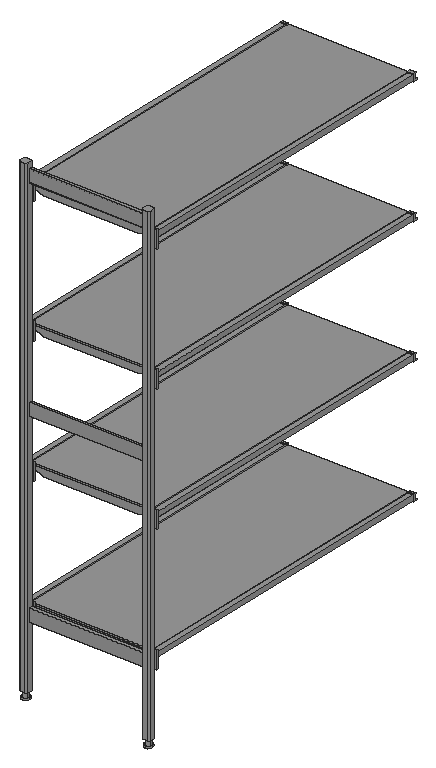
Revit family "QF_ZANUSSI_137075_CLS1184", category Attrezzature speciali, Revit 2020
Family settings
  Quota connettore circolare = Usa diametro
  Tipo di parte = Normale
  Basato su piano di lavoro = No
  Sempre verticale = Sì
  Taglio con vuoti quando caricato = No
  Condiviso = No
  Punto di calcolo locali = No
Parameters (values of type "Standard")
  Weight = 21.00 kg
  Watts = 0 W
  Volts = 0 V
  URL Manufacturer = "http://www.zanussiprofessional.com"
  URL = "http://www.zanussiprofessional.com"
  Steam Supply Size = 0 mm
  Steam Supply Minimum Pressure = 0.0 Pa
  Steam Supply Maximum Pressure = 0.0 Pa
  Steam Consumption per Hour = 0
  Refrigeration Suction Line Size = 0.0 mm
  Refrigeration Liquid Line Size = 0.0 mm
  Refrigerant Compressor Remote = yes
  Prospetto di default = 0.0 mm
  Phase = 0
  Modello = "CLS1184"
  Produttore = "Zanussi"
  Length Actual = 1188.0 mm  # constant formula
  Item Number = "137075"
  Hot Water Size = 0 mm
  Height Actual = 1700.0 mm  # constant formula
  HP = "0 HP"
  Gas Size = 0 mm
  Gas KW = 0
  Gas Input Pressure = 0 W
  Direct Waste Size = 0 mm
  Descrizione = "ALUM.CORNER SHELV.-POLY.TIERS-475X1188MM"
  Depth Actual = 475.0 mm  # constant formula
  Cycle = 0 Hz
  Condensate Return Size = 0 mm
  Compressed Air Volume = 0.0 L/s
  Compressed Air Size = 0 mm
  Compressed Air Pressure = 0.0 Pa
  Cold Water Size = 0 mm
  Accessory = yes
Reference planes
  plane 1: z = 0
  plane 2 "Center (F/B)": y = -163.5
  plane 3 "Front": y = -549.5
  plane 4 "Left": x = -217.5
  plane 5 "Right": x = 257.5
  plane 6 "TOP": z = 1700
  plane 7: y = -517.5
  plane 8: y = 634.5
  plane 9 "Center (Left/Right)": x = 20
  plane 10: y = 629.5
  plane 11: x = -186
  plane 12: x = 226
  plane 13 "FEET": z = 25
  plane 14: z = 275
  plane 15: z = 725
  plane 16: z = 1175
  plane 17: z = 1625
  plane 18 "CXLeft": y = -535.5
  plane 19: x = -200
  plane 20 "CYBack": x = -200
  plane 21 "CYFront": x = 138
  plane 22 "Back": y = 638.5
  plane 23 "LEFT_ORIGIN": x = -251.5
  plane 24 "BACK_Origin": y = 1113.5
Forms (mm)
  Extrusion 1, solid, material "QF_Aluminum"
    sketch origin (0, -549.5, 0) x (-1, 0, 0) y (0, 0, 1)
      loop
        line (198.5, 1650.994) -> (198.5, 1632.998) -> (217.5, 1632.998) -> (217.5, 1650.994) -> (198.5, 1650.994)
      loop
        line (-238.5, 1650.994) -> (-257.5, 1650.994) -> (-257.5, 1632.998) -> (-238.5, 1632.998) -> (-238.5, 1650.994)
      loop
        line (198.5, 1200.994) -> (198.5, 1182.998) -> (217.5, 1182.998) -> (217.5, 1200.994) -> (198.5, 1200.994)
      loop
        line (-238.522, 1200.994) -> (-257.5, 1200.994) -> (-257.5, 1182.998) -> (-238.522, 1182.998) -> (-238.522, 1200.994)
      loop
        line (198.5, 750.994) -> (198.5, 732.998) -> (217.5, 732.998) -> (217.5, 750.994) -> (198.5, 750.994)
      loop
        line (-238.522, 750.994) -> (-257.5, 750.994) -> (-257.5, 732.998) -> (-238.522, 732.998) -> (-238.522, 750.994)
      loop
        line (198.5, 300.994) -> (198.5, 282.998) -> (217.5, 282.998) -> (217.5, 300.994) -> (198.5, 300.994)
      loop
        line (-238.522, 300.994) -> (-257.5, 300.994) -> (-257.5, 282.998) -> (-238.522, 282.998) -> (-238.522, 300.994)
    from 32 to 1184
  Extrusion 2, solid, material "QF_Polyethylene"
    sketch origin (0, -549.5, 0) x (-1, 0, 0) y (0, 0, 1)
      loop
        line (196.507, 1650.994) -> (-236.522, 1650.994) -> (-236.522, 1644.496) -> (196.507, 1644.496) -> (196.507, 1650.994)
      loop
        line (196.507, 1200.994) -> (-236.522, 1200.994) -> (-236.522, 1194.496) -> (196.507, 1194.496) -> (196.507, 1200.994)
      loop
        line (196.507, 750.994) -> (-236.522, 750.994) -> (-236.522, 744.496) -> (196.507, 744.496) -> (196.507, 750.994)
      loop
        line (196.507, 300.994) -> (-236.522, 300.994) -> (-236.522, 294.496) -> (196.507, 294.496) -> (196.507, 300.994)
    from 32 to 1184
Lines and regions (mm)
  symbolic lines
    curve 1: line (-198.5, 634.5, 1700) -> (-198.5, -517.5, 1700)
    curve 2: line (-217.5, -521.5, 1700) -> (-217.5, 634.5, 1700)
    curve 3: line (257.5, -521.5, 1700) -> (257.5, 634.5, 1700)
    curve 4: line (-181.507, -517.5, 1700) -> (221.507, -517.5, 1700)
    curve 5: line (238.522, -517.5, 1700) -> (238.522, 634.5, 1700)
    curve 6: line (-198.5, 634.5, 1700) -> (238.522, 634.5, 1700)
Dimensions and locks
  plane 3 "Front" to plane 2 "Center (F/B)" = 386.0 mm
  locked: plane 6 "TOP" to level at 1700
  locked: plane 4 "Left" to plane 5 "Right" at 475
  locked: plane 7 to plane 8 at 1152
  locked: plane 3 "Front" to plane 7 at 32
  plane 10 to plane 8 = 5.0 mm
  locked: plane 11 to plane 12 at 412
  equal spacing: plane 11, plane 9 "Center (Left/Right)", plane 12
  equal spacing: plane 4 "Left", plane 9 "Center (Left/Right)", plane 5 "Right"
  plane 13 "FEET" to level = 25.0 mm
  plane 6 "TOP" to plane 13 "FEET" = 1675.0 mm
  plane 14 to plane 13 "FEET" = 250.0 mm
  plane 15 to plane 14 = 450.0 mm
  plane 16 to plane 15 = 450.0 mm
  plane 17 to plane 16 = 450.0 mm
  locked: plane 3 "Front" to plane 18 "CXLeft" at 14
  locked: plane 3 "Front" to plane 22 "Back" at 1188
  plane 23 "LEFT_ORIGIN" to plane 5 "Right" = 509.0 mm
  locked: plane 22 "Back" to plane 24 "BACK_Origin" at 475
  aligned and locked: level to plane 1
  aligned and locked: Extrusion 2 to plane 7
  aligned and locked: plane 8 to Extrusion 2
  aligned and locked: Extrusion 1 to plane 7
  aligned and locked: plane 8 to Extrusion 1
  aligned and locked: Extrusion 1 sketch curve to Extrusion 1 sketch curve  (x2)
  aligned and locked: plane 18 "CXLeft" to nested 1
  aligned and locked: nested 2 to plane 10
Automatic sketch dimensions
  curve 2 to plane 4 "Left" = 0.0 mm
  curve 3 to plane 5 "Right" = 0.0 mm
  plane 7 to curve 1 = 0.0 mm
  plane 7 to curve 4 = 0.0 mm
  plane 7 to curve 5 = 0.0 mm
  plane 8 to curve 2 = 0.0 mm
  plane 8 to curve 1 = 0.0 mm
  plane 8 to curve 3 = 0.0 mm
  curve 5 to plane 21 "CYFront" = 100.522 mm
  plane 19 to curve 6 = 1.5 mm
  plane 7 to curve 3 = 4.0 mm
  plane 7 to curve 2 = 4.0 mm
  plane 12 to curve 4 = 4.493 mm
  curve 4 to plane 11 = 4.493 mm
  plane 5 "Right" to Extrusion 1 sketch curve = 0.0 mm  (x4)
  plane 4 "Left" to Extrusion 1 sketch curve = 0.0 mm  (x4)
  Extrusion 1 sketch curve to plane 21 "CYFront" = 100.522 mm
  Extrusion 1 sketch curve to plane 21 "CYFront" = 100.5 mm
  plane 19 to Extrusion 1 sketch curve = 1.5 mm  (x4)
  plane 14 to Extrusion 1 sketch curve = 7.998 mm  (x2)
  Extrusion 1 sketch curve to Extrusion 1 sketch curve = 17.997 mm  (x8)
  plane 15 to Extrusion 1 sketch curve = 7.998 mm  (x2)
  plane 16 to Extrusion 1 sketch curve = 7.998 mm  (x2)
  plane 17 to Extrusion 1 sketch curve = 7.998 mm  (x2)
  Extrusion 2 sketch curve to plane 21 "CYFront" = 98.522 mm  (x4)
  plane 19 to Extrusion 2 sketch curve = 3.493 mm  (x4)
  plane 14 to Extrusion 2 sketch curve = 19.496 mm
  Extrusion 2 sketch curve to Extrusion 2 sketch curve = 6.499 mm  (x4)
  plane 15 to Extrusion 2 sketch curve = 19.496 mm
  plane 16 to Extrusion 2 sketch curve = 19.496 mm
  plane 17 to Extrusion 2 sketch curve = 19.496 mm
Nested families
  nested 1: "WT_Anta475" at (-194.5, -132.5, 0) x (0, 1, 0) z (0, 0, 1), type "WT_Anta475"
  nested 2: "WT_Aggancio475" at (-194.5, 1046.5, 0) x (0, 1, 0) z (0, 0, 1), type "WT_Aggancio475"
Definition of nested family "WT_Anta475"
  Parameters
    WidthLeft = A + 64.0 mm  # 772.0 mm
    Width = 1606.0 mm
    Right = WidthLeft / 2  # 386.0 mm
    Default Elevation = 0.0 mm
    Left = -WidthLeft / 2  # -386.0 mm
    Height = 1725.0 mm
    FEET = 25.0 mm
    E = 0.0 mm
    Dint = Depth - 63.0 mm  # 412.0 mm
    Dext = Depth - 8.0 mm  # 467.0 mm
    Depth = 475.0 mm
    DX = (WidthLeft - A) / 2  # 32.0 mm
    B = 798.0 mm
    A = 708.0 mm
  Reference planes
    plane 1: z = 0
    plane 2 "LEFT": x = -417
    plane 3 "BACK": y = 23
    plane 4 "FRONT": y = -452
    plane 5 "TOP": z = 1725
    plane 6 "Center (Front/Back)": y = -214.5
    plane 7: y = -8.5
    plane 8: y = -420.5
    plane 9 "FEET": z = 25
    plane 10: z = 275
    plane 11: z = 725
    plane 12: z = 1175
    plane 13: z = 1625
    plane 14 "CXLeft": x = -403
    plane 15: y = 5.5
    plane 16 "CYBack": y = 5.5
    plane 17 "CYFront": y = -434.5
    plane 18: x = -385.031
    plane 19: x = -380.031
  Forms (mm)
    Extrusion 1, solid
      sketch origin (0, 0, 0) x (1, 0, 0) y (0, 1, 0)
        loop
          line (-417, 13.246) -> (-417, -2.246) -> (-410.746, -8.5) -> (-395.254, -8.5) -> (-389, -2.246) -> (-389, 13.246) -> (-395.254, 19.5) -> (-410.746, 19.5) -> (-417, 13.246)
      from 1725 to 25
    Extrusion 2, solid
      sketch origin (-417, 0, 0) x (0, 1, 0) y (0, 0, 1)
        loop
          line (23, 246.005) -> (23, 307.993) -> (-12.993, 307.993) -> (-12.993, 246.005) -> (23, 246.005)
        loop
          line (-452, 246.005) -> (-416.007, 246.005) -> (-416.007, 307.993) -> (-452, 307.993) -> (-452, 246.005)
        loop
          line (23, 696.005) -> (23, 757.993) -> (-12.993, 757.993) -> (-12.993, 696.005) -> (23, 696.005)
        loop
          line (-452, 696.005) -> (-416.007, 696.005) -> (-416.007, 757.993) -> (-452, 757.993) -> (-452, 696.005)
        loop
          line (23, 1146.005) -> (23, 1207.993) -> (-12.993, 1207.993) -> (-12.993, 1146.005) -> (23, 1146.005)
        loop
          line (-452, 1146.005) -> (-416.007, 1146.005) -> (-416.007, 1207.993) -> (-452, 1207.993) -> (-452, 1146.005)
        loop
          line (23, 1596.005) -> (23, 1657.993) -> (-12.993, 1657.993) -> (-12.993, 1596.005) -> (23, 1596.005)
        loop
          line (-452, 1596.005) -> (-416.007, 1596.005) -> (-416.007, 1657.993) -> (-452, 1657.993) -> (-452, 1596.005)
      from 28 to 32
    Revolve 3, solid
      sketch origin (-403, 0, 0) x (0, 1, 0) y (0, 0, 1)
        loop
          line (5.5, 25) -> (5.5, 0) -> (19, 0) -> (19, 5) -> (14, 5) -> (14, 25) -> (5.5, 25)
        axis (5.5, 25) -> (5.5, 0)
      angle from 0 to 360
    Extrusion 4, solid
      sketch origin (-403, 0, 0) x (0, 1, 0) y (0, 0, 1)
        loop
          line (-8.5, 912.382) -> (-8.5, 957.374) -> (-420.5, 957.374) -> (-420.5, 912.382) -> (-8.5, 912.382)
        loop
          line (-8.5, 1662.244) -> (-8.5, 1707.236) -> (-420.5, 1707.236) -> (-420.5, 1662.244) -> (-8.5, 1662.244)
      from -5 to 5
    Revolve 5, solid
      sketch origin (-403, -627, 0) x (0, -1, 0) y (0, 0, 1)
        loop
          line (-192.5, 25) -> (-192.5, 0) -> (-179, 0) -> (-179, 5) -> (-184, 5) -> (-184, 25) -> (-192.5, 25)
        axis (-192.5, 25) -> (-192.5, 0)
      angle from 0 to 360
    Extrusion 6, solid
      sketch origin (0, -627, 0) x (1, 0, 0) y (0, 1, 0)
        loop
          line (-417, 184.754) -> (-410.746, 178.5) -> (-395.254, 178.5) -> (-389, 184.754) -> (-389, 200.246) -> (-395.254, 206.5) -> (-410.746, 206.5) -> (-417, 200.246) -> (-417, 184.754)
      from 1725 to 25
    Extrusion 7, solid
      sketch origin (-417.031, -0.022, 0) x (0, 1, 0) y (0, 0, -1)
        loop
          line (-12, -1632.998) -> (-46, -1620.994) -> (-383, -1620.994) -> (-417, -1632.998) -> (-433, -1632.998) -> (-433, -1650.994) -> (-431, -1650.994) -> (-431, -1644.496) -> (2.007, -1644.496) -> (2.007, -1650.994) -> (4, -1650.994) -> (4, -1632.998) -> (-12, -1632.998)
        loop
          line (-12, -1182.998) -> (-46, -1170.994) -> (-383, -1170.994) -> (-417, -1182.998) -> (-433, -1182.998) -> (-433, -1200.994) -> (-431, -1200.994) -> (-431, -1194.496) -> (2.007, -1194.496) -> (2.007, -1200.994) -> (4, -1200.994) -> (4, -1182.998) -> (-12, -1182.998)
        loop
          line (-12, -732.998) -> (-46, -720.994) -> (-383, -720.994) -> (-417, -732.998) -> (-433, -732.998) -> (-433, -750.994) -> (-431, -750.994) -> (-431, -744.496) -> (2.007, -744.496) -> (2.007, -750.994) -> (4, -750.994) -> (4, -732.998) -> (-12, -732.998)
        loop
          line (-12, -282.998) -> (-46, -270.994) -> (-383, -270.994) -> (-417, -282.998) -> (-433, -282.998) -> (-433, -300.994) -> (-431, -300.994) -> (-431, -294.496) -> (2.007, -294.496) -> (2.007, -300.994) -> (4, -300.994) -> (4, -282.998) -> (-12, -282.998)
      from -32 to -37
    Extrusion 8, solid
      sketch origin (-403, 0, -659.878) x (0, 1, 0) y (0, 0, 1)
        loop
          line (-8.5, 912.382) -> (-8.5, 957.374) -> (-420.5, 957.374) -> (-420.5, 912.382) -> (-8.5, 912.382)
        loop
          line (-8.5, 1572.382) -> (-8.5, 1617.374) -> (-420.5, 1617.374) -> (-420.5, 1572.382) -> (-8.5, 1572.382)
        loop
          line (-8.5, 2322.382) -> (-8.5, 2367.374) -> (-420.5, 2367.374) -> (-420.5, 2322.382) -> (-8.5, 2322.382)
      from -5 to 5
  Lines and regions (mm)
    symbolic lines
      curve 1: line (-408, -8.5, 1725) -> (-408, -420.5, 1725)
      curve 2: line (-398, -420.5, 1725) -> (-398, -8.5, 1725)
      curve 3: line (-395.254, -8.5, 1725) -> (-410.746, -8.5, 1725)
      curve 4: line (-417, -2.246, 1725) -> (-410.746, -8.5, 1725)
      curve 5: line (-417, 13.246, 1725) -> (-417, -2.246, 1725)
      curve 6: line (-410.746, 19.5, 1725) -> (-417, 13.246, 1725)
      curve 7: line (-395.254, 19.5, 1725) -> (-410.746, 19.5, 1725)
      curve 8: line (-389, 13.246, 1725) -> (-395.254, 19.5, 1725)
      curve 9: line (-395.254, -8.5, 1725) -> (-389, -2.246, 1725)
      curve 10: line (-395.254, -420.5, 1725) -> (-410.746, -420.5, 1725)
      curve 11: line (-417, -426.754, 1725) -> (-410.746, -420.5, 1725)
      curve 12: line (-410.746, -448.5, 1725) -> (-417, -442.246, 1725)
      curve 13: line (-395.254, -448.5, 1725) -> (-410.746, -448.5, 1725)
      curve 14: line (-389, -442.246, 1725) -> (-395.254, -448.5, 1725)
      curve 15: line (-395.254, -420.5, 1725) -> (-389, -426.754, 1725)
      curve 16: line (-389, -452, 1725) -> (-389, -416.007, 1725)
      curve 17: line (-389, -416.007, 1725) -> (-385, -416.007, 1725)
      curve 18: line (-389, 23, 1725) -> (-389, -12.993, 1725)
      curve 19: line (-389, -12.993, 1725) -> (-385, -12.993, 1725)
      curve 20: line (-417, -426.754, 1725) -> (-417, -442.246, 1725)
      curve 21: line (-385, -452, 1725) -> (-385, -416.007, 1725)
      curve 22: line (-385, -452, 1725) -> (-389, -452, 1725)
      curve 23: line (-385, 23, 1725) -> (-389, 23, 1725)
      curve 24: line (-385, -12.993, 1725) -> (-385, 23, 1725)
      curve 25: line (-385.031, -13.016, 1725) -> (-385.031, -416.029, 1725)
  Dimensions and locks
    "Height": plane 5 "TOP" to level
    "Depth": plane 3 "BACK" to plane 4 "FRONT"
    "Dint": plane 7 to plane 8
    equal spacing: plane 7, plane 6 "Center (Front/Back)", plane 8
    equal spacing: plane 3 "BACK", plane 6 "Center (Front/Back)", plane 4 "FRONT"
    plane 9 "FEET" to level = 25.0 mm
    plane 5 "TOP" to plane 9 "FEET" = 1700.0 mm
    plane 10 to plane 9 "FEET" = 250.0 mm
    plane 11 to plane 10 = 450.0 mm
    plane 12 to plane 11 = 450.0 mm
    plane 13 to plane 12 = 450.0 mm
    locked: plane 2 "LEFT" to plane 14 "CXLeft" at 14
    locked: plane 3 "BACK" to plane 16 "CYBack" at 17.5
    locked: plane 17 "CYFront" to plane 4 "FRONT" at 17.5
    locked: Revolve 3 sketch curve to Revolve 3 sketch curve at 8.5
    locked: Revolve 3 sketch curve to plane 16 "CYBack" at 13.5
    locked: Revolve 5 sketch curve to Revolve 5 sketch curve at 8.5
    aligned and locked: level to plane 1
    aligned and locked: curve 20 to Extrusion 6
    aligned and locked: plane 5 "TOP" to Extrusion 1
    aligned and locked: plane 5 "TOP" to Extrusion 6
    aligned and locked: Extrusion 7 sketch curve to Extrusion 7 sketch curve  (x3)
  Automatic sketch dimensions
    curve 16 to plane 4 "FRONT" = 0.0 mm
    curve 11 to plane 8 = 0.0 mm
    curve 9 to plane 7 = 0.0 mm
    curve 5 to plane 2 "LEFT" = 0.0 mm
    curve 23 to plane 3 "BACK" = 0.0 mm
    plane 4 "FRONT" to curve 13 = 3.5 mm
    curve 20 to plane 17 "CYFront" = 7.746 mm
    curve 20 to plane 8 = 6.254 mm
    plane 8 to curve 16 = 4.493 mm
    curve 24 to plane 18 = 0.031 mm
    curve 24 to plane 7 = 4.493 mm
    plane 7 to curve 5 = 6.254 mm
    curve 5 to plane 15 = 7.746 mm
    curve 6 to plane 3 "BACK" = 3.5 mm
    curve 21 to plane 18 = 0.031 mm
    plane 18 to curve 23 = 3.969 mm
    plane 18 to curve 16 = 3.969 mm
    curve 18 to curve 8 = 6.254 mm
    curve 18 to curve 3 = 6.254 mm
    curve 16 to curve 13 = 6.254 mm
    curve 16 to curve 15 = 6.254 mm
    plane 2 "LEFT" to curve 10 = 6.254 mm
    plane 2 "LEFT" to curve 7 = 6.254 mm
    plane 2 "LEFT" to curve 12 = 6.254 mm
    plane 2 "LEFT" to curve 3 = 6.254 mm
    curve 14 to plane 17 "CYFront" = 7.746 mm
    curve 15 to plane 8 = 6.254 mm
    plane 7 to curve 9 = 6.254 mm
    curve 8 to plane 15 = 7.746 mm
    curve 3 to curve 2 = 2.746 mm
    curve 1 to curve 10 = 2.746 mm
    Extrusion 1 sketch curve to plane 2 "LEFT" = 0.0 mm
    Extrusion 1 sketch curve to plane 7 = 0.0 mm
    plane 2 "LEFT" to Extrusion 1 sketch curve = 6.254 mm  (x2)
    plane 14 "CXLeft" to Extrusion 1 sketch curve = 7.746 mm  (x2)
    Extrusion 1 sketch curve to plane 3 "BACK" = 3.5 mm
    plane 18 to Extrusion 1 sketch curve = 3.969 mm
    plane 7 to Extrusion 1 sketch curve = 6.254 mm  (x2)
    Extrusion 1 sketch curve to plane 15 = 7.746 mm  (x2)
    Extrusion 2 sketch curve to plane 4 "FRONT" = 0.0 mm  (x4)
    Extrusion 2 sketch curve to plane 3 "BACK" = 0.0 mm  (x4)
    plane 8 to Extrusion 2 sketch curve = 4.493 mm  (x4)
    Extrusion 2 sketch curve to plane 7 = 4.493 mm  (x4)
    Extrusion 2 sketch curve to plane 10 = 28.995 mm  (x2)
    plane 10 to Extrusion 2 sketch curve = 32.993 mm  (x2)
    Extrusion 2 sketch curve to plane 11 = 28.995 mm  (x2)
    plane 11 to Extrusion 2 sketch curve = 32.993 mm  (x2)
    Extrusion 2 sketch curve to plane 12 = 28.995 mm  (x2)
    plane 12 to Extrusion 2 sketch curve = 32.993 mm  (x2)
    Extrusion 2 sketch curve to plane 13 = 28.995 mm  (x2)
    plane 13 to Extrusion 2 sketch curve = 32.993 mm  (x2)
    Revolve 3 sketch curve to plane 9 "FEET" = 0.0 mm  (x2)
    Revolve 3 sketch curve to plane 15 = 0.0 mm  (x2)
    Revolve 3 sketch curve to level = 0.0 mm
    level to Revolve 3 sketch curve = 5.0 mm
    Revolve 3 sketch curve to Revolve 3 sketch curve = 11.655 mm
    Extrusion 4 sketch curve to plane 8 = 0.0 mm  (x2)
    Extrusion 4 sketch curve to plane 7 = 0.0 mm  (x2)
    plane 11 to Extrusion 4 sketch curve = 187.382 mm
    Extrusion 4 sketch curve to Extrusion 4 sketch curve = 44.992 mm
    plane 13 to Extrusion 4 sketch curve = 37.244 mm
    Extrusion 4 sketch curve to plane 5 "TOP" = 17.764 mm
    Revolve 5 sketch curve to plane 9 "FEET" = 0.0 mm  (x2)
    Revolve 5 sketch curve to plane 17 "CYFront" = 0.0 mm  (x2)
    Revolve 5 sketch curve to level = 0.0 mm
    Revolve 5 sketch curve to plane 4 "FRONT" = 4.0 mm
    Revolve 5 sketch curve to Revolve 5 sketch curve = 5.0 mm
    level to Revolve 5 sketch curve = 11.655 mm
    Extrusion 6 sketch curve to plane 2 "LEFT" = 0.0 mm
    Extrusion 6 sketch curve to plane 8 = 0.0 mm
    Extrusion 6 sketch curve to plane 2 "LEFT" = 6.254 mm  (x2)
    Extrusion 6 sketch curve to plane 14 "CXLeft" = 7.746 mm  (x2)
    Extrusion 6 sketch curve to plane 4 "FRONT" = 3.5 mm
    Extrusion 6 sketch curve to plane 18 = 3.969 mm
    plane 8 to Extrusion 6 sketch curve = 6.254 mm  (x2)
    plane 17 "CYFront" to Extrusion 6 sketch curve = 7.746 mm  (x2)
    plane 17 "CYFront" to Extrusion 7 sketch curve = 1.478 mm  (x4)
    Extrusion 7 sketch curve to Extrusion 7 sketch curve = 2.0 mm
    plane 8 to Extrusion 7 sketch curve = 3.478 mm  (x4)
    Extrusion 7 sketch curve to plane 10 = 4.006 mm
    Extrusion 7 sketch curve to Extrusion 7 sketch curve = 34.0 mm  (x4)
    Extrusion 7 sketch curve to plane 11 = 4.006 mm
    Extrusion 7 sketch curve to plane 12 = 4.006 mm
    Extrusion 7 sketch curve to plane 13 = 4.006 mm
    Extrusion 7 sketch curve to plane 7 = 37.522 mm  (x4)
    Extrusion 7 sketch curve to plane 7 = 3.522 mm  (x4)
    plane 15 to Extrusion 7 sketch curve = 3.516 mm  (x4)
    plane 15 to Extrusion 7 sketch curve = 1.522 mm  (x4)
    plane 13 to Extrusion 7 sketch curve = 7.998 mm  (x2)
    Extrusion 7 sketch curve to Extrusion 7 sketch curve = 11.498 mm
    Extrusion 7 sketch curve to Extrusion 7 sketch curve = 6.499 mm  (x5)
    plane 12 to Extrusion 7 sketch curve = 25.994 mm  (x2)
    plane 12 to Extrusion 7 sketch curve = 7.998 mm  (x2)
    plane 11 to Extrusion 7 sketch curve = 25.994 mm  (x2)
    plane 11 to Extrusion 7 sketch curve = 7.998 mm  (x2)
    plane 10 to Extrusion 7 sketch curve = 25.994 mm  (x2)
    plane 10 to Extrusion 7 sketch curve = 7.998 mm  (x2)
    curve 25 to plane 18 = 0.0 mm
    plane 8 to curve 25 = 4.471 mm
    curve 25 to plane 7 = 4.516 mm
    Extrusion 8 sketch curve to plane 8 = 0.0 mm  (x3)
    Extrusion 8 sketch curve to plane 7 = 0.0 mm  (x3)
    Extrusion 8 sketch curve to plane 10 = 22.496 mm
    plane 10 to Extrusion 8 sketch curve = 22.496 mm
    plane 11 to Extrusion 8 sketch curve = 187.504 mm
    Extrusion 8 sketch curve to Extrusion 8 sketch curve = 44.992 mm
    plane 13 to Extrusion 8 sketch curve = 37.504 mm
    Extrusion 8 sketch curve to plane 5 "TOP" = 17.504 mm
Definition of nested family "WT_Aggancio475"
  Parameters
    WidthLeft = A + 64.0 mm  # 772.0 mm
    Width = 1606.0 mm
    Right = WidthLeft / 2  # 386.0 mm
    Default Elevation = 0.0 mm
    Left = -WidthLeft / 2  # -386.0 mm
    Height = 1725.0 mm
    FEET = 25.0 mm
    E = 0.0 mm
    Dint = Depth - 63.0 mm  # 412.0 mm
    Dext = Depth - 8.0 mm  # 467.0 mm
    Depth = 475.0 mm
    DX = (WidthLeft - A) / 2  # 32.0 mm
    B = 798.0 mm
    A = 708.0 mm
  Reference planes
    plane 1: z = 0
    plane 2 "LEFT": x = -417
    plane 3 "BACK": y = 23
    plane 4 "FRONT": y = -452
    plane 5 "TOP": z = 1725
    plane 6 "Center (Front/Back)": y = -214.5
    plane 7: y = -8.5
    plane 8: y = -420.5
    plane 9 "FEET": z = 25
    plane 10: z = 275
    plane 11: z = 725
    plane 12: z = 1175
    plane 13: z = 1625
    plane 14: y = 5.5
    plane 15 "CYBack": y = 5.5
    plane 16 "CYFront": y = -434.5
  Forms (mm)
    Extrusion 1, solid
      sketch origin (-380, -0.022, 0) x (0, 1, 0) y (0, 0, 1)
        loop
          line (-12, 1632.998) -> (4, 1632.998) -> (4, 1650.994) -> (2.007, 1650.994) -> (2.007, 1644.496) -> (-431, 1644.496) -> (-431, 1650.994) -> (-433, 1650.994) -> (-433, 1632.998) -> (-417, 1632.998) -> (-383, 1620.994) -> (-46, 1620.994) -> (-12, 1632.998)
        loop
          line (-12, 1182.998) -> (4, 1182.998) -> (4, 1200.994) -> (2.007, 1200.994) -> (2.007, 1194.496) -> (-431, 1194.496) -> (-431, 1200.994) -> (-433, 1200.994) -> (-433, 1182.998) -> (-417, 1182.998) -> (-383, 1170.994) -> (-46, 1170.994) -> (-12, 1182.998)
        loop
          line (-12, 732.998) -> (4, 732.998) -> (4, 750.994) -> (2.007, 750.994) -> (2.007, 744.496) -> (-431, 744.496) -> (-431, 750.994) -> (-433, 750.994) -> (-433, 732.998) -> (-417, 732.998) -> (-383, 720.994) -> (-46, 720.994) -> (-12, 732.998)
        loop
          line (-12, 282.998) -> (4, 282.998) -> (4, 300.994) -> (2.007, 300.994) -> (2.007, 294.496) -> (-431, 294.496) -> (-431, 300.994) -> (-433, 300.994) -> (-433, 282.998) -> (-417, 282.998) -> (-383, 270.994) -> (-46, 270.994) -> (-12, 282.998)
      from -32 to -37
    Extrusion 2, solid
      sketch origin (-793.062, -324.754, 6.5) x (1, 0, 0) y (0, 0, 1)
        loop
          line (385.062, 1644.496) -> (385.062, 1647.496) -> (376.062, 1647.496) -> (376.062, 1620.994) -> (390.031, 1620.994) -> (390.031, 1626.496) -> (381.062, 1626.496) -> (381.062, 1644.496) -> (385.062, 1644.496)
        loop
          line (385.062, 1194.496) -> (385.062, 1197.496) -> (376.062, 1197.496) -> (376.062, 1170.994) -> (390.031, 1170.994) -> (390.031, 1176.496) -> (381.062, 1176.496) -> (381.062, 1194.496) -> (385.062, 1194.496)
        loop
          line (385.062, 744.496) -> (385.062, 747.496) -> (376.062, 747.496) -> (376.062, 720.994) -> (390.031, 720.994) -> (390.031, 726.496) -> (381.062, 726.496) -> (381.062, 744.496) -> (385.062, 744.496)
        loop
          line (385.062, 294.496) -> (385.062, 297.496) -> (376.062, 297.496) -> (376.062, 270.994) -> (390.031, 270.994) -> (390.031, 276.496) -> (381.062, 276.496) -> (381.062, 294.496) -> (385.062, 294.496)
      from 108.268 to 127.246
    Extrusion 3, solid
      sketch origin (-793.062, 32.754, 6.5) x (1, 0, 0) y (0, 0, 1)
        loop
          line (385.062, 1644.496) -> (385.062, 1647.496) -> (376.062, 1647.496) -> (376.062, 1620.994) -> (390.031, 1620.994) -> (390.031, 1626.496) -> (381.062, 1626.496) -> (381.062, 1644.496) -> (385.062, 1644.496)
        loop
          line (385.062, 1194.496) -> (385.062, 1197.496) -> (376.062, 1197.496) -> (376.062, 1170.994) -> (390.031, 1170.994) -> (390.031, 1176.496) -> (381.062, 1176.496) -> (381.062, 1194.496) -> (385.062, 1194.496)
        loop
          line (385.062, 744.496) -> (385.062, 747.496) -> (376.062, 747.496) -> (376.062, 720.994) -> (390.031, 720.994) -> (390.031, 726.496) -> (381.062, 726.496) -> (381.062, 744.496) -> (385.062, 744.496)
        loop
          line (385.062, 294.496) -> (385.062, 297.496) -> (376.062, 297.496) -> (376.062, 270.994) -> (390.031, 270.994) -> (390.031, 276.496) -> (381.062, 276.496) -> (381.062, 294.496) -> (385.062, 294.496)
      from 9.754 to 28.776
  Lines and regions (mm)
    symbolic lines
      curve 1: line (-412, -452, 0) -> (-408, -452, 0)
      curve 2: line (-412, -433.022, 0) -> (-412, -452, 0)
      curve 3: line (-408, -433.022, 0) -> (-412, -433.022, 0)
      curve 4: line (-408, -452, 0) -> (-408, -433.022, 0)
      curve 5: line (-412, 3.978, 0) -> (-408, 3.978, 0)
      curve 6: line (-412, 23, 0) -> (-412, 3.978, 0)
      curve 7: line (-408, 23, 0) -> (-412, 23, 0)
      curve 8: line (-408, 3.978, 0) -> (-408, 23, 0)
  Dimensions and locks
    "Height": plane 5 "TOP" to level
    "Depth": plane 3 "BACK" to plane 4 "FRONT"
    "Dint": plane 7 to plane 8
    equal spacing: plane 7, plane 6 "Center (Front/Back)", plane 8
    equal spacing: plane 3 "BACK", plane 6 "Center (Front/Back)", plane 4 "FRONT"
    plane 9 "FEET" to level = 25.0 mm
    plane 5 "TOP" to plane 9 "FEET" = 1700.0 mm
    plane 10 to plane 9 "FEET" = 250.0 mm
    plane 11 to plane 10 = 450.0 mm
    plane 12 to plane 11 = 450.0 mm
    plane 13 to plane 12 = 450.0 mm
    locked: plane 3 "BACK" to plane 15 "CYBack" at 17.5
    locked: plane 16 "CYFront" to plane 4 "FRONT" at 17.5
    aligned and locked: level to plane 1
    aligned and locked: Extrusion 1 sketch curve to Extrusion 1 sketch curve  (x3)
  Automatic sketch dimensions
    plane 16 "CYFront" to Extrusion 1 sketch curve = 1.478 mm  (x4)
    Extrusion 1 sketch curve to Extrusion 1 sketch curve = 2.0 mm
    plane 8 to Extrusion 1 sketch curve = 3.478 mm  (x4)
    Extrusion 1 sketch curve to plane 10 = 4.006 mm
    Extrusion 1 sketch curve to Extrusion 1 sketch curve = 34.0 mm  (x4)
    Extrusion 1 sketch curve to plane 11 = 4.006 mm
    Extrusion 1 sketch curve to plane 12 = 4.006 mm
    Extrusion 1 sketch curve to plane 13 = 4.006 mm
    Extrusion 1 sketch curve to plane 7 = 37.522 mm  (x4)
    Extrusion 1 sketch curve to plane 7 = 3.522 mm  (x4)
    plane 14 to Extrusion 1 sketch curve = 3.516 mm  (x4)
    plane 14 to Extrusion 1 sketch curve = 1.522 mm  (x4)
    plane 10 to Extrusion 1 sketch curve = 7.998 mm  (x2)
    Extrusion 1 sketch curve to Extrusion 1 sketch curve = 11.498 mm  (x4)
    Extrusion 1 sketch curve to Extrusion 1 sketch curve = 6.499 mm  (x8)
    plane 11 to Extrusion 1 sketch curve = 7.998 mm  (x2)
    plane 12 to Extrusion 1 sketch curve = 7.998 mm  (x2)
    plane 13 to Extrusion 1 sketch curve = 7.998 mm  (x2)
    plane 2 "LEFT" to Extrusion 2 sketch curve = 0.0 mm  (x4)
    plane 13 to Extrusion 2 sketch curve = 7.996 mm
    plane 11 to Extrusion 2 sketch curve = 7.996 mm
    Extrusion 2 sketch curve to Extrusion 2 sketch curve = 5.0 mm  (x4)
    plane 11 to Extrusion 2 sketch curve = 2.494 mm
    plane 10 to Extrusion 2 sketch curve = 28.996 mm
    Extrusion 2 sketch curve to Extrusion 2 sketch curve = 3.0 mm  (x4)
    plane 10 to Extrusion 2 sketch curve = 7.996 mm
    plane 10 to Extrusion 2 sketch curve = 2.494 mm
    Extrusion 2 sketch curve to Extrusion 2 sketch curve = 18.0 mm  (x3)
    plane 12 to Extrusion 2 sketch curve = 2.494 mm
    plane 12 to Extrusion 2 sketch curve = 7.996 mm
    plane 13 to Extrusion 2 sketch curve = 2.494 mm
    plane 2 "LEFT" to Extrusion 3 sketch curve = 0.0 mm  (x4)
    plane 13 to Extrusion 3 sketch curve = 7.996 mm
    plane 11 to Extrusion 3 sketch curve = 7.996 mm
    Extrusion 3 sketch curve to Extrusion 3 sketch curve = 5.0 mm  (x4)
    plane 11 to Extrusion 3 sketch curve = 2.494 mm
    plane 10 to Extrusion 3 sketch curve = 28.996 mm
    Extrusion 3 sketch curve to Extrusion 3 sketch curve = 3.0 mm  (x4)
    plane 10 to Extrusion 3 sketch curve = 7.996 mm
    plane 10 to Extrusion 3 sketch curve = 2.494 mm
    Extrusion 3 sketch curve to Extrusion 3 sketch curve = 18.0 mm  (x3)
    plane 12 to Extrusion 3 sketch curve = 2.494 mm
    plane 12 to Extrusion 3 sketch curve = 7.996 mm
    plane 13 to Extrusion 3 sketch curve = 2.494 mm
    plane 2 "LEFT" to curve 1 = 5.0 mm
    plane 2 "LEFT" to curve 7 = 5.0 mm
    curve 1 to plane 16 "CYFront" = 17.5 mm
    curve 3 to plane 8 = 12.522 mm
    plane 7 to curve 5 = 12.478 mm
    curve 7 to plane 14 = 17.5 mm
    curve 5 to curve 5 = 4.0 mm
    curve 1 to curve 4 = 4.0 mm
    Extrusion 2 sketch curve to Extrusion 2 sketch curve = 4.0 mm  (x4)
    Extrusion 2 sketch curve to Extrusion 2 sketch curve = 8.969 mm  (x4)
    Extrusion 3 sketch curve to Extrusion 3 sketch curve = 4.0 mm  (x4)
    Extrusion 3 sketch curve to Extrusion 3 sketch curve = 8.969 mm  (x4)
